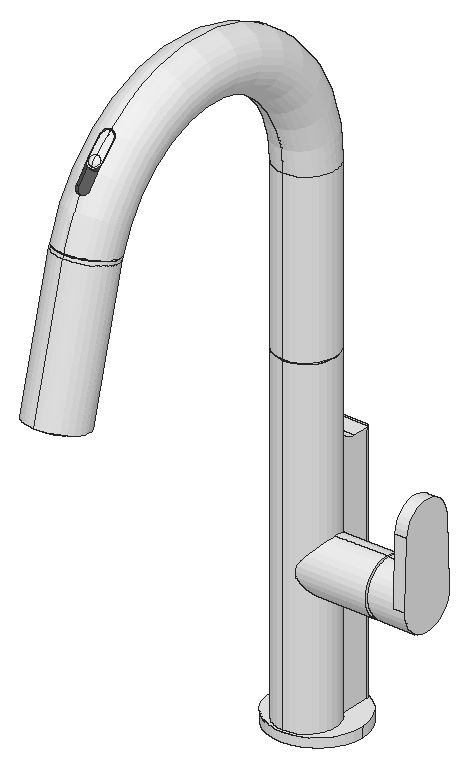
Revit family "xFaucet_Hands_Free-American_Standard-Beale-4931.380", category Plumbing Fixtures, Revit 2014
Parameters (values of type "4931.380")
  Width = 1 1/2"  # constant formula
  Waste Connection = no
  WFU = 2  # constant formula
  Vent Connection = no
  URL = "http://www.americanstandard-us.com"
  Specification = "Single control kitchen pull-down faucet shall feature a hands-free Selectronic sensor with sliding door, a high arc brass swivel spout with pull-down two-function spray, and metal lever handle. Shall also feature 35 mm washerless ceramic disc valve cartridge and flexible Stainless Steel supply hoses."
  Product Page URL = "https://www.americanstandard-us.com/kitchens/kitchen-faucets/beale-pull-down-kitchen-faucet-with-selectronic-hands-free-technology-24023#"
  Product Documentation Link = "https://www.americanstandard-us.com/-/media/sites/asus/files/product-specs/bulk/specsheet4931380.pdf?la=en"
  Price = "Prices may vary. Please consult Manufacturer Representative for most up-to-date price list."  # constant formula
  Model = "4931.380"  # constant formula
  Material = "Metal-American Standard-002-Polished Chrome"
  Manufacturer = "American Standard"  # constant formula
  Length = 10 3/8"  # constant formula
  Installation Type = "Deck Mounted"  # constant formula
  Height = 17 9/16"  # constant formula
  HWFU = 1.5  # constant formula
  HW Connection = yes
  Flow Rate = "1.5 gpm (5.7L/min)"  # constant formula
  Finish = Metal-American Standard-002-Polished Chrome
  Description = "Beale Pull-Down Kitchen Faucet With Selectronic Hands-Free Technology"  # constant formula
  Default Elevation = 0"
  Creation Date = "02/01/2018"  # constant formula
  CWFU = 1.5  # constant formula
  CW Connection = yes
  Assembly Code = "D2020300"
  ADA Compliant = yes
Reference planes (in)
  plane 1 "Center (Front/Back)": y = 0
  plane 2: z = 0
  plane 3 "Center (Left/Right)": x = 0
  plane 4: y = -8.125
  plane 5: z = 17.5625
  plane 6: z = 10.5
  plane 7: y = -0.82119
  plane 8: y = 0.68621
  plane 9: y = 1.53349
  plane 10: x = 0.75
  plane 11: x = -0.75
  plane 12: x = 0.5
  plane 13: x = -0.5
  plane 14: z = 4
  plane 15: z = 6.375
  plane 16: y = -8.84151
Forms (in)
  Sweep 1, solid, material "Metal-American Standard-002-Polished Chrome" <- "Finish"
    path origin (0, 0, 0) x (0, 1, 0) y (0, 0, 1)
      loop
        line (0, 0) -> (0, 13.18613)
        arc (0, 13.18613) -> (-3.16354, 16.79345) -> (-7.15293, 14.12783) r 3.63845
        line (-7.15293, 14.12783) -> (-8.09704, 10.60434)
    profile origin (0, 0, 6.59306) x (0, -1, 0) y (1, 0, 0)
      loop
        circle (0, 0) r 0.75
  Revolve 2, solid, material "Metal-American Standard-002-Polished Chrome" <- "Finish"
    sketch origin (0, 0.01852, 0.06913) x (0, 1, 0) y (0, 0, 1)
      loop
        line (-8.11556, 10.53522) -> (-8.53901, 10.64868) -> (-8.56697, 10.54434) -> (-8.14352, 10.43087) -> (-8.11556, 10.53522)
      axis (-8.14352, 10.43087) -> (-8.11556, 10.53522)
    angle from 0 to 360
  Extrusion 3, solid, material "Metal-American Standard-002-Polished Chrome" <- "Finish"
    sketch origin (0, 0, 0) x (1, 0, 0) y (0, 1, 0)
      loop
        arc (0.49997, 1.33942) -> (0.4779, 1.41033) -> (0.4195, 1.45622) r 0.125
        arc (0.4195, 1.45622) -> (-0.00002, 1.53349) -> (-0.41954, 1.45619) r 1.17734
        arc (-0.41954, 1.45619) -> (-0.47794, 1.41031) -> (-0.5, 1.3394) r 0.125
        line (-0.5, 1.3394) -> (-0.5, 0) -> (0.49997, 0) -> (0.49997, 1.33942)
    from 0 to 6.70466
  Extrusion 4, void
    sketch origin (0, 0, 0) x (0, 1, 0) y (0, 0, 1)
      loop
        arc (1.42753, 6.52882) -> (1.50245, 6.49778) -> (1.53349, 6.42286) r 0.10596
        line (1.53349, 6.42286) -> (1.53349, 6.7556) -> (0.52589, 6.7556)
        arc (0.52589, 6.7556) -> (0.71531, 6.58893) -> (0.96036, 6.52882) r 0.52956
        line (0.96036, 6.52882) -> (1.42753, 6.52882)
    from -0.57062 to 0.62591
  Extrusion 5, solid, material "Metal-American Standard-002-Polished Chrome" <- "Finish"
    sketch origin (6.57867, -5.93098, -0.67648) x (1, 0, 0) y (0, 0.258819, 0.965926)
      loop
        circle (-6.57867, 12.78013) r 0.25
      loop
        line (-6.47355, 12.23241) -> (-6.68379, 12.23241) -> (-6.68379, 10.92674) -> (-6.47355, 10.92674) -> (-6.47355, 12.23241)
    from 4.15938 to 4.41275
  Extrusion 6, solid, material "Metal-American Standard-002-Polished Chrome" <- "Finish"
    sketch origin (0, 0, 0) x (0, 1, 0) y (0, 0, 1)
      loop
        line (-6.96646, 11.52967) -> (-7.08354, 11.09273)
        arc (-7.08354, 11.09273) -> (-6.94209, 11.28898) -> (-6.96646, 11.52967) r 0.34089
    from -0.10512 to 0.10512
  Extrusion 7, void
    sketch origin (-22.61058, -14.3914, 7.31467) x (-1, 0, 0) y (0, 0.642788, 0.766044)
      loop
        arc (-22.42289, 12.16196) -> (-22.61058, 12.34965) -> (-22.79827, 12.16196) r 0.18769
        line (-22.79827, 12.16196) -> (-22.79827, 11.03697)
        arc (-22.79827, 11.03697) -> (-22.61058, 10.84928) -> (-22.42289, 11.03697) r 0.18769
        line (-22.42289, 11.03697) -> (-22.42289, 12.16196)
      loop
        arc (-22.43625, 12.13508) -> (-22.61066, 12.30949) -> (-22.78506, 12.13508) r 0.17441
        line (-22.78506, 12.13508) -> (-22.78506, 11.60229)
        arc (-22.78506, 11.60229) -> (-22.61066, 11.42789) -> (-22.43625, 11.60229) r 0.17441
        line (-22.43625, 11.60229) -> (-22.43625, 12.13508)
    from 0.06119 to 0.20057
  Revolve 8, solid, material "Metal-American Standard-002-Polished Chrome" <- "Finish"
    sketch origin (0, 0.59376, 0.27768) x (0, 0.999391, 0.034899) y (0, -0.034899, 0.999391)
      loop
        line (-6.88629, 16.12095) -> (-6.91681, 16.15148)
        arc (-6.91681, 16.15148) -> (-6.96877, 16.09595) -> (-6.98549, 16.02176) r 0.145
        line (-6.98549, 16.02176) -> (-6.88629, 16.12095)
      axis (-6.91681, 16.15148) -> (-6.88629, 16.12095)
    angle from 0 to 360
  Revolve 9, void
    sketch origin (0, 0, 0) x (0, 1, 0) y (0, 0, 1)
      loop
        line (-7.82609, 14.42696) -> (-7.92409, 14.45322) -> (-7.9324, 14.4222) -> (-7.8344, 14.39594) -> (-7.82609, 14.42696)
      axis (-7.13155, 14.20761) -> (-7.12136, 14.24564)
    angle from 0 to 360
  Revolve 10, void
    sketch origin (0, 0, 0) x (0, 1, 0) y (0, 0, 1)
      loop
        line (-0.7428, 8.86333) -> (-0.82119, 8.86333) -> (-0.82119, 8.82967) -> (-0.7428, 8.82967) -> (-0.7428, 8.86333)
      axis (0, 8.86333) -> (0, 8.82396)
    angle from 0 to 360
  Revolve 11, solid, material "Metal-American Standard-002-Polished Chrome" <- "Finish"
    sketch origin (0, 0, 0) x (1, 0, 0) y (0, 0, 1)
      loop
        line (0, 4) -> (3.12553, 4) -> (3.12553, 4.7053) -> (0, 4.7053) -> (0, 4)
      axis (0, 4) -> (3.12553, 4)
    angle from 0 to 360
  Revolve 12, solid, material "Metal-American Standard-002-Polished Chrome" <- "Finish"
    sketch origin (0, 0, 0) x (1, 0, 0) y (0, 0, 1)
      loop
        line (2.04814, 4.60708) -> (2.04814, 4) -> (2.65522, 4)
        arc (2.65522, 4) -> (2.47741, 4.42927) -> (2.04814, 4.60708) r 0.60708
      axis (2.04814, 4) -> (2.65522, 4)
    angle from 0 to 360
  Extrusion 13, void
    sketch origin (0.04688, 0, 0) x (1, 0, 0) y (0, 0, 1)
      loop
        line (2.10469, 4.73806) -> (2.05505, 4.73806) -> (2.05505, 3.09199) -> (2.36345, 3.09199) -> (2.23757, 3.43786)
        arc (2.23757, 3.43786) -> (2.13817, 3.80884) -> (2.10469, 4.19144) r 2.2033
        line (2.10469, 4.19144) -> (2.10469, 4.73806)
    from -0.80335 to 0.82735
  Extrusion 14, solid, material "Metal-American Standard-002-Polished Chrome" <- "Finish"
    sketch origin (0, 0, 0) x (0, 1, 0) y (0, 0, 1)
      loop
        line (-0.7053, 4) -> (0.7053, 4) -> (0.64542, 5.75113)
        arc (0.64542, 5.75113) -> (0, 6.37486) -> (-0.64542, 5.75113) r 0.6458
        line (-0.64542, 5.75113) -> (-0.7053, 4)
    from 2.81952 to 3.12553
  Extrusion 15, solid, material "Metal-American Standard-002-Polished Chrome" <- "Finish"
    sketch origin (0, 0, 0) x (1, 0, 0) y (0, 1, 0)
      loop
        circle (0.00001, 0.35615) r 1.17734
    from 0 to 0.25
  Extrusion 16, solid
    sketch origin (0, 0, 0) x (1, 0, 0) y (0, 1, 0)
      loop
        circle (-0.28125, 0) r 0.1875
      loop
        circle (0.27344, 0) r 0.1875
    from 0 to 0.10512
Cuts and joins
  Extrusion 7, Revolve 9, Revolve 10 cuts Sweep 1
  Extrusion 4, Revolve 9, Revolve 10 cuts Extrusion 3
  Revolve 9, Revolve 10 cuts Extrusion 5
  Revolve 9, Revolve 10 cuts Extrusion 6
  Revolve 9, Revolve 10 cuts Revolve 8
  Extrusion 13 cuts Revolve 11
  joined: Sweep 1, Revolve 2, Extrusion 3, Extrusion 5, Extrusion 6, Revolve 8, Revolve 11, Revolve 12, Extrusion 14, Extrusion 15
Lines and regions (in)
  Masking region 1
    outline origin (0, 0, 0) x (1, 0, 0) y (0, 1, 0)
      loop
        arc (1.12439, 0.7053) -> (-0.65562, 1.33404) -> (-0.75, -0.55139) r 1.17734
        line (-0.75, -0.55139) -> (-0.75, -8.07286)
        arc (-0.75, -8.07286) -> (0, -8.82286) -> (0.75, -8.07286) r 0.75
        line (0.75, -8.07286) -> (0.75, -0.7053) -> (2.10193, -0.7053) -> (2.10193, -0.60469) -> (2.15157, -0.5986) -> (2.15157, -0.68424)
        arc (2.15157, -0.68424) -> (2.15773, -0.69913) -> (2.17262, -0.7053) r 0.02105
        line (2.17262, -0.7053) -> (3.12553, -0.7053) -> (3.12553, 0.7053) -> (2.17262, 0.7053)
        arc (2.17262, 0.7053) -> (2.15773, 0.69913) -> (2.15157, 0.68424) r 0.02105
        line (2.15157, 0.68424) -> (2.15157, 0.5986) -> (2.10193, 0.60469) -> (2.10193, 0.7053) -> (1.12439, 0.7053)
  symbolic lines, detail levels medium+fine
    curve 1: arc (0.75, 0, 0) -> (0, 0.75, 0) -> (-0.75, 0, 0) r 0.75
    curve 2: line (-0.75, -0.55139, 0) -> (-0.75, 0, 0)
    curve 3: line (-0.5, 0.55902, 0) -> (-0.5, 1.3394, 0)
    curve 4: line (0.49997, 0.55905, 0) -> (0.49997, 1.33942, 0)
    curve 5: line (1.12439, 0.7053, 0) -> (0.49997, 0.7053, 0)
    curve 6: line (0.75, -0.7053, 0) -> (0.75, 0, 0)
    curve 7: arc (-0.41954, 1.45619, 0) -> (-0.47794, 1.41031, 0) -> (-0.5, 1.3394, 0) r 0.125
    curve 8: arc (0.49997, 1.33942, 0) -> (0.4779, 1.41033, 0) -> (0.4195, 1.45622, 0) r 0.125
  symbolic lines, detail levels fine
    curve 9: line (2.10193, 0.60469, 0) -> (2.10193, -0.60469, 0)
    curve 10: line (2.15157, -0.5986, 0) -> (2.15157, 0.5986, 0)
    curve 11: line (2.81952, 0.70365, 0) -> (2.81952, -0.70365, 0)
    curve 12: arc (-0.75, -7.19254, 0) -> (-0.66013, -7.46628, 0) -> (-0.47561, -7.68755, 0) r 0.7671
    curve 13: arc (-0.47561, -7.68755, 0) -> (-0.29561, -7.79646, 0) -> (-0.09223, -7.85029, 0) r 0.73968
    curve 14: arc (0.75, -7.19254, 0) -> (0.66013, -7.46628, 0) -> (0.47561, -7.68755, 0) r 0.7671
    curve 15: arc (0.47561, -7.68755, 0) -> (0.29561, -7.79646, 0) -> (0.09223, -7.85029, 0) r 0.73968
    curve 16: arc (-0.09223, -7.85029, 0) -> (0, -7.85565, 0) -> (0.09223, -7.85029, 0) r 0.79666
    curve 17: line (-0.18783, -7.20926, 0) -> (-0.18783, -6.44405, 0)
    curve 18: arc (-0.18783, -6.44405, 0) -> (-0.17112, -6.39012, 0) -> (-0.12997, -6.35146, 0) r 0.11062
    curve 19: arc (-0.12997, -6.35146, 0) -> (-0.09064, -6.33377, 0) -> (-0.04913, -6.32204, 0) r 0.29346
    curve 20: line (-0.17425, -6.85739, 0) -> (-0.17425, -6.43634, 0)
    curve 21: arc (-0.17425, -6.43634, 0) -> (-0.16288, -6.39792, 0) -> (-0.13633, -6.36792, 0) r 0.0925
    curve 22: arc (-0.13633, -6.36792, 0) -> (-0.09283, -6.34332, 0) -> (-0.04492, -6.32913, 0) r 0.2209
    curve 23: arc (-0.17425, -6.85739, 0) -> (-0.16578, -6.89725, 0) -> (-0.14182, -6.93022, 0) r 0.098
    curve 24: arc (-0.14182, -6.93022, 0) -> (-0.10145, -6.96301, 0) -> (-0.05286, -6.98158, 0) r 0.1647
    curve 25: arc (-0.13366, -6.86202, 0) -> (-0.13143, -6.84038, 0) -> (-0.12051, -6.82156, 0) r 0.05179
    curve 26: arc (-0.12051, -6.82156, 0) -> (-0.09597, -6.80178, 0) -> (-0.06656, -6.79041, 0) r 0.10217
    curve 27: arc (-0.13366, -6.86202, 0) -> (-0.12557, -6.88696, 0) -> (-0.10871, -6.90704, 0) r 0.06861
    curve 28: arc (-0.10871, -6.90704, 0) -> (-0.08859, -6.92284, 0) -> (-0.06556, -6.934, 0) r 0.11942
    curve 29: arc (-0.18783, -7.20926, 0) -> (-0.18281, -7.23634, 0) -> (-0.16842, -7.25982, 0) r 0.07556
    curve 30: arc (-0.16842, -7.25982, 0) -> (-0.13724, -7.29157, 0) -> (-0.09813, -7.31279, 0) r 0.15028
    curve 31: arc (-0.18783, -7.14758, 0) -> (-0.17423, -7.1869, 0) -> (-0.14699, -7.21833, 0) r 0.10981
    curve 32: arc (-0.14699, -7.21833, 0) -> (-0.10589, -7.2431, 0) -> (-0.05998, -7.25707, 0) r 0.19463
    curve 33: line (0.18783, -7.20926, 0) -> (0.18783, -6.44405, 0)
    curve 34: arc (0.18783, -6.44405, 0) -> (0.17112, -6.39012, 0) -> (0.12997, -6.35146, 0) r 0.11062
    curve 35: arc (0.12997, -6.35146, 0) -> (0.09064, -6.33377, 0) -> (0.04913, -6.32204, 0) r 0.29346
    curve 36: line (0.17425, -6.85739, 0) -> (0.17425, -6.43634, 0)
    curve 37: arc (0.17425, -6.43634, 0) -> (0.16288, -6.39792, 0) -> (0.13633, -6.36792, 0) r 0.0925
    curve 38: arc (0.13633, -6.36792, 0) -> (0.09283, -6.34332, 0) -> (0.04492, -6.32913, 0) r 0.2209
    curve 39: arc (0.17425, -6.85739, 0) -> (0.16578, -6.89725, 0) -> (0.14182, -6.93022, 0) r 0.098
    curve 40: arc (0.14182, -6.93022, 0) -> (0.10145, -6.96301, 0) -> (0.05286, -6.98158, 0) r 0.1647
    curve 41: arc (0.13366, -6.86202, 0) -> (0.13143, -6.84038, 0) -> (0.12051, -6.82156, 0) r 0.05179
    curve 42: arc (0.12051, -6.82156, 0) -> (0.09597, -6.80178, 0) -> (0.06656, -6.79041, 0) r 0.10217
    curve 43: arc (0.13366, -6.86202, 0) -> (0.12557, -6.88696, 0) -> (0.10871, -6.90704, 0) r 0.06861
    curve 44: arc (0.10871, -6.90704, 0) -> (0.08859, -6.92284, 0) -> (0.06556, -6.934, 0) r 0.11942
    curve 45: arc (0.18783, -7.20926, 0) -> (0.18281, -7.23634, 0) -> (0.16842, -7.25982, 0) r 0.07556
    curve 46: arc (0.16842, -7.25982, 0) -> (0.13724, -7.29157, 0) -> (0.09813, -7.31279, 0) r 0.15028
    curve 47: arc (0.18783, -7.14758, 0) -> (0.17423, -7.1869, 0) -> (0.14699, -7.21833, 0) r 0.10981
    curve 48: arc (0.14699, -7.21833, 0) -> (0.10589, -7.2431, 0) -> (0.05998, -7.25707, 0) r 0.19463
    curve 49: arc (-0.04913, -6.32204, 0) -> (0, -6.31808, 0) -> (0.04913, -6.32204, 0) r 0.3068
    curve 50: arc (-0.04492, -6.32913, 0) -> (0, -6.32572, 0) -> (0.04492, -6.32913, 0) r 0.29776
    curve 51: arc (-0.06656, -6.79041, 0) -> (0, -6.78131, 0) -> (0.06656, -6.79041, 0) r 0.24788
    curve 52: arc (-0.06556, -6.934, 0) -> (0, -6.94664, 0) -> (0.06556, -6.934, 0) r 0.17633
    curve 53: arc (-0.05286, -6.98158, 0) -> (0, -6.9894, 0) -> (0.05286, -6.98158, 0) r 0.18254
    curve 54: arc (-0.05998, -7.25707, 0) -> (0, -7.26367, 0) -> (0.05998, -7.25707, 0) r 0.27595
    curve 55: arc (-0.09813, -7.31279, 0) -> (0, -7.33289, 0) -> (0.09813, -7.31279, 0) r 0.24956
Dimensions and locks (in)
  plane 1 "Center (Front/Back)" to plane 4 = 8 1/8"
  plane 5 to plane 2 = 17 9/16"
  plane 6 to level = 10 1/2"
Connectors (in)
  piping at (0.27344, 0, 0), diameter 0.375, driven by "CWFU"
    settings: on Extrusion 16, index 1, connector inside diameter 24", connector length 0", flow factor 0, pipe flow 0 GPM, pressure drop 0.00 psi, fitting loss kfactor 0, connector angle 0.00°, fixture units 1.5, engagement length 0", angle of deflection 0.00°, flow configuration 3, flow direction 1, fitting loss method 0, system type 20, joint type 0, gender type 0, connector reference index -1, connector utility 0, adjustable connector no, is connector primary yes, connector description "3/8\" CW Inlet Supply"
  piping at (-0.28125, 0, 0), diameter 0.375, driven by "HWFU"
    settings: on Extrusion 16, index 2, connector inside diameter 24", connector length 0", flow factor 0, pipe flow 0 GPM, pressure drop 0.00 psi, fitting loss kfactor 0, connector angle 0.00°, fixture units 1.5, engagement length 0", angle of deflection 0.00°, flow configuration 3, flow direction 1, fitting loss method 0, system type 19, joint type 0, gender type 0, connector reference index -1, connector utility 0, adjustable connector no, is connector primary no, connector description "3/8\" HW Inlet Supply"
